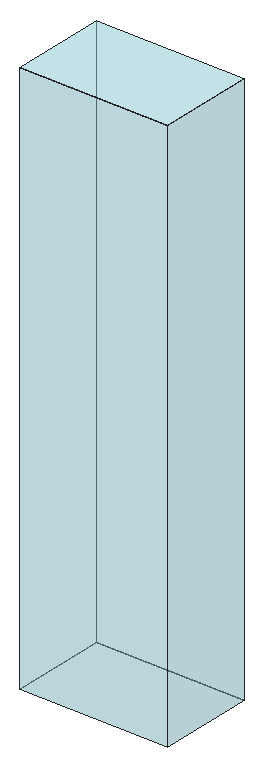
Revit family "Лифт_2D_R21.2", category Специальное оборудование, Revit 2021
Family settings
  Размер круглого соединителя = Использовать диаметр
  Тип детали = Нормальный
  Всегда вертикально = Да
  При загрузке вырезать с полостями = Нет
  Общий = Нет
  Точка принадлежности помещению = Нет
Parameters (values of type "102ХЭМ-06-1200ТП С3")
  Ширина кабины = 2200 mm
  Шахта_Отступ проема_Право = (AR_Шахта_Ширина - Шахта_Отступ проема_Лево) - AR_Шахта_Ширина проема  # 1000 mm
  Шахта_Отступ проема_Лево = 300 mm
  Спереди_Право = Шахта_Отступ проема_Право  # 1000 mm
  Спереди_Лево = Шахта_Отступ проема_Лево * par  # 300 mm
  Отступ кабины спереди = 260 mm
  Отступ кабины слева = 150 mm
  Отметка по умолчанию = 0 mm
  Description = ""
  Оборудование_выкл = no
  Оборудование_Центр = and(not(Оборудование_Право), not(Оборудование_Лево), not(Оборудование_выкл))  # no
  Оборудование_Право = yes
  Оборудование_Лево = no
  Назед_Лево = Шахта_Отступ проема_Лево * par  # 300 mm
  Назад_Право = Шахта_Отступ проема_Право  # 1000 mm
  Комментарии к типоразмеру = "ПП"
  Доступность МГН = no
  Группа модели = "Лифт"  # constant formula
  Глубина кабины = 1100 mm
  par = 1  # constant formula
  R_Шахта_Ширина проема [instance] = 1350 mm
  R_AR_Шахта_Ширина [instance] = AR_Шахта_Ширина * par  # 2650 mm
  R_AR_Шахта_Приямок [instance] = AR_Шахта_Приямок * par  # 1990 mm
  R_AR_Шахта_Маш.отд. [instance] = AR_Шахта_Маш.отд. * par  # 4000 mm
  R_AR_Шахта_Глубина [instance] = AR_Шахта_Глубина * par  # 1720 mm
  FMId = "6e846d62f685438486ef10d538530486"  # constant formula
  AR_Шахта_Ширина проема = 1350 mm
  AR_Шахта_Ширина = 2650 mm
  AR_Шахта_Приямок = 1990 mm
  AR_Шахта_Маш.отд. = 4000 mm
  AR_Шахта_Глубина = 1720 mm
  AR_Шахта_Высота проема = 2200 mm
  AR_Шахта_Высота [instance] = 4000 mm
  AR_Скорость подъема (м/с) = "1,6"
Types (5, lengths in mm): name | Ширина кабины | Шахта_Отступ проема_Право | Шахта_Отступ проема_Лево | Спереди_Право | Спереди_Лево | Отступ кабины спереди | Отступ кабины слева | Description | Оборудование_Право | Оборудование_Лево | Назед_Лево | Назад_Право | Комментарии к типоразмеру | Глубина кабины | R_Шахта_Ширина проема | R_AR_Шахта_Ширина | R_AR_Шахта_Приямок | R_AR_Шахта_Маш.отд. | R_AR_Шахта_Глубина | AR_Шахта_Ширина проема | AR_Шахта_Ширина | AR_Шахта_Приямок | AR_Шахта_Маш.отд. | AR_Шахта_Глубина
  102ХЭМ-06-1200ТП С3 | 2200 | 1000 | 300 | 1000 | 300 | 260 | 150 | "" | yes | no | 300 | 1000 | "ПП" | 1100 | 1350 | 2650 | 1990 | 4000 | 1720 | 1350 | 2650 | 1990 | 4000 | 1720
  101ХЭМ-06-900ТП СЗ | 1100 | 520 | 350 | 520 | 350 | 260 | 350 | "" | yes | no | 350 | 520 | 0 | 2100 | 1050 | 1920 | 1500 | 4050 | 2650 | 1050 | 1920 | 1500 | 4050 | 2650
  102ХЭМ-06-1200ТЛ С3 | 2200 | 300 | 1000 | 300 | 1000 | 260 | 300 | "102ХЭМ-06-1200ТЛ С3" | no | yes | 1000 | 300 | "ПП" | 1100 | 1350 | 2650 | 1990 | 4000 | 1720 | 1350 | 2650 | 1990 | 4000 | 1720
  041ХЭМ-06-800ТП СЗ | 900 | 400 | 200 | 400 | 200 | 200 | 245 | "041ХЭМ-06-800ТП СЗ" | yes | no | 200 | 400 | 0 | 1100 | 950 | 1550 | 1990 | 4000 | 1720 | 950 | 1550 | 1990 | 4000 | 1720
  041ХЭМ-06-800ТЛ СЗ | 900 | 200 | 400 | 200 | 400 | 200 | 405 | "041ХЭМ-06-800ТЛ СЗ" | no | yes | 400 | 200 | 0 | 1100 | 950 | 1550 | 1990 | 4000 | 1720 | 950 | 1550 | 1990 | 4000 | 1720
Reference planes
  plane 1 "По центру (Вперед/Назад)": y = 0
  plane 2: z = 0
  plane 3 "По центру (Влево/Вправо)": x = 0
  plane 4: y = 860
  plane 5: y = -860
  plane 6 "Право": x = 1325
  plane 7 "Лево": x = -1325
  plane 8: x = -1025
  plane 9: x = 325
  plane 10 "Верх": z = 4000
  plane 11 "План": z = 1000
  plane 12 "Верх проема": z = 2200
  plane 13 "Маш.отд.": z = 8000
  plane 14 "Приямок": z = -1990
Forms (mm)
  Extrusion 1, solid, material "Концепция. Форма по умолчанию", detail levels medium+fine
    sketch origin (0, 0, 0) x (1, 0, 0) y (0, 1, 0)
      loop
        line (1325, 860) -> (-1325, 860) -> (-1325, -860) -> (1325, -860) -> (1325, 860)
    from -1990 to 8000
Lines and regions (mm)
  model lines, style "Пунктир"
    curve 1: line (1325, 860, 0) -> (325, 860, 0)
    curve 2: line (1325, -860, 0) -> (1325, 860, 0)
    curve 3: line (-1325, -860, 0) -> (-1025, -860, 0)
    curve 4: line (-1325, 860, 0) -> (-1325, -860, 0)
    curve 5: line (325, -860, 0) -> (1325, -860, 0)
    curve 7: line (1325, 0, 8000) -> (-1325, 0, 8000)
    curve 8: line (1325, 0, -1990) -> (1325, 0, 8000)
    curve 9: line (-1325, 0, 8000) -> (-1325, 0, -1990)
    curve 19: line (-1325, 0, -1990) -> (1325, 0, -1990)
    curve 20: line (0, 860, 8000) -> (0, -860, 8000)
    curve 21: line (0, 860, -1990) -> (0, 860, 8000)
    curve 22: line (0, -860, -1990) -> (0, 860, -1990)
    curve 23: line (0, -860, 8000) -> (0, -860, -1990)
    curve 24: line (-1025, 860, 0) -> (-1325, 860, 0)
    curve 26: line (325, -860, 0) -> (325, -960, 0)
    curve 27: line (-1025, -860, 0) -> (-1025, -960, 0)
  model lines, style "InvisibleLines", not visible
    curve 6: line (0, 0, -1990) -> (0, 0, 8000)
  model lines, not visible
    curve 10: line (800, 1100, 1000) -> (520, 1100, 1000)
    curve 11: line (800, -1100, 1000) -> (800, 1100, 1000)
    curve 12: line (-800, -1100, 1000) -> (-500, -1100, 1000)
    curve 13: line (-800, 1100, 1000) -> (-800, -1100, 1000)
    curve 14: line (600, -1100, 1000) -> (800, -1100, 1000)
    curve 15: line (800, -300, 4000) -> (-800, -300, 4000)
    curve 16: line (800, -300, 0) -> (800, -300, 4000)
    curve 17: line (-800, -300, 0) -> (800, -300, 0)
    curve 18: line (-800, -300, 4000) -> (-800, -300, 0)
    curve 25: line (-340, 1100, 1000) -> (-800, 1100, 1000)
  model lines, style "Пунктир", not visible
    curve 28: line (325, 860, 0) -> (325, 960, 0)
    curve 29: line (-1025, 860, 0) -> (-1025, 960, 0)
  symbolic lines, detail levels medium+fine
    curve 30: line (1075, -300, 2200) -> (-1175, -300, 2200)
    curve 31: line (1075, -300, -200) -> (1075, -300, 2200)
    curve 32: line (-1175, -300, -200) -> (1075, -300, -200)
    curve 33: line (-1175, -300, 2200) -> (-1175, -300, -200)
    curve 34: line (300, 610, 2200) -> (300, -710, 2200)
    curve 35: line (300, 610, -200) -> (300, 610, 2200)
    curve 36: line (300, -710, -200) -> (300, 610, -200)
    curve 37: line (300, -710, 2200) -> (300, -710, -200)
    curve 38: line (1075, -300, 2200) -> (-1175, -300, -200)
    curve 39: line (1075, -300, -200) -> (-1175, -300, 2200)
    curve 40: line (300, 610, 2200) -> (300, -710, -200)
    curve 41: line (300, 610, -200) -> (300, -710, 2200)
  symbolic lines, style "SpecialityEquipmentHiddenLines"
    curve 42: line (-300, -860, 2200) -> (-300, -960, 2200)
  symbolic lines, style "SpecialityEquipmentHiddenLines", not visible
    curve 43: line (-300, 860, 2200) -> (-300, 960, 2200)
Dimensions and locks
  equal spacing: plane 7 "Лево", plane 3 "По центру (Влево/Вправо)", plane 6 "Право"
  equal spacing: plane 4, plane 1 "По центру (Вперед/Назад)", plane 5
  "AR_Шахта_Глубина": plane 4 to plane 5
  "AR_Шахта_Ширина": plane 7 "Лево" to plane 6 "Право"
  "Отступ кабины спереди": plane 5 to nested 1
  "Спереди_Лево": plane 7 "Лево" to plane 8
  "Спереди_Право": plane 9 to plane 6 "Право"
  "Назад_Право": curve 1 to plane 6 "Право"
  "Назед_Лево": plane 7 "Лево" to curve 24
  "R_Шахта_Ширина проема": plane 8 to plane 9
  locked: curve 26 to curve 26 at 100
  locked: curve 27 to curve 27 at 100
  locked: curve 28 to curve 28 at 100
  locked: curve 29 to curve 29 at 100
  plane 7 "Лево" to curve 33 = 150 mm
  plane 6 "Право" to curve 31 = 250 mm
  locked: curve 30 to plane 2 at 2200
  locked: plane 2 to curve 32 at 200
  locked: plane 2 to curve 36 at 200
  locked: curve 34 to plane 2 at 2200
  locked: plane 5 to curve 37 at 150
  curve 35 to plane 4 = 250 mm
  "AR_Шахта_Высота": level to level
  locked: curve 42 to curve 42 at 100
  locked: curve 43 to curve 43 at 100
  "AR_Шахта_Высота проема": plane 12 "Верх проема" to plane 2
  "AR_Шахта_Маш.отд.": plane 13 "Маш.отд." to plane 10 "Верх"
  "AR_Шахта_Приямок": plane 2 to plane 14 "Приямок"
  level to plane 2 = 0 mm
  "Отступ кабины слева": Extrusion 1 to nested 1
  aligned and locked: level to plane 2
  aligned and locked: plane 10 "Верх" to level
  aligned and locked: curve 6 to plane 3 "По центру (Влево/Вправо)"
  aligned and locked: curve 23 to plane 5
  aligned and locked: curve 21 to plane 4
  aligned and locked: plane 12 "Верх проема" to curve 42
  aligned and locked: plane 13 "Маш.отд." to curve 7
  aligned and locked: curve 20 to plane 13 "Маш.отд."
  aligned and locked: curve 22 to plane 14 "Приямок"
  aligned and locked: plane 14 "Приямок" to curve 19
  aligned and locked: plane 13 "Маш.отд." to Extrusion 1
  aligned and locked: plane 14 "Приямок" to Extrusion 1
Automatic sketch dimensions
  curve 2 to curve 3 = 2650 mm
  curve 4 to curve 1 = 1650 mm
  curve 4 to curve 4 = 1720 mm
  curve 3 to curve 5 = 2350 mm
  curve 2 to curve 5 = 1000 mm
  curve 1 to curve 1 = 1000 mm
  curve 24 to curve 4 = 300 mm
  curve 3 to curve 3 = 300 mm
  curve 11 to curve 12 = 1600 mm
  curve 13 to curve 10 = 0 mm
  curve 13 to curve 13 = 2200 mm
  curve 12 to curve 14 = 0 mm
  curve 11 to curve 14 = 200 mm
  curve 10 to curve 10 = 280 mm
  curve 25 to curve 13 = 460 mm
  curve 12 to curve 12 = 300 mm
  plane 12 "Верх проема" to curve 43 = 0 mm
  curve 43 to plane 4 = 0 mm
  curve 42 to plane 5 = 0 mm
  plane 7 "Лево" to curve 9 = 0 mm
  plane 6 "Право" to curve 7 = 0 mm
  Extrusion 1 sketch curve to plane 4 = 0 mm
  Extrusion 1 sketch curve to plane 7 "Лево" = 0 mm
  Extrusion 1 sketch curve to plane 5 = 0 mm
  Extrusion 1 sketch curve to plane 6 "Право" = 0 mm
  curve 4 to plane 7 "Лево" = 0 mm
  curve 3 to plane 8 = 0 mm
  curve 24 to plane 8 = 0 mm
  curve 26 to plane 9 = 0 mm
  curve 5 to plane 5 = 0 mm
  curve 1 to plane 4 = 0 mm
  curve 1 to plane 9 = 0 mm
  curve 1 to plane 6 "Право" = 0 mm
  curve 27 to plane 5 = 0 mm
  curve 29 to plane 4 = 0 mm
Nested families
  nested 1: "(D)_Условно_Лифт_Кабина" at (-75, -50, 0), a <- "Ширина кабины", b <- "Глубина кабины", type "(D)_Условно_Лифт_Кабина"
    with b 1100 mm, a 2200 mm
  nested 2: "(AT)_Символ доступности МГН" at (0, 0, 0), visible <- "Доступность МГН", type "Символ доступности МГН"
Definition of nested family "(D)_Условно_Лифт_Кабина"
  Parameters (values of type "(D)_Условно_Лифт_Кабина")
    Оборудование_Центр = no
    Оборудование_Право = yes
    Оборудование_Лево/Право = no
    b [instance] = 2000 mm
    a [instance] = 1500 mm
  Reference planes
    plane 1 "По центру (Вперед/Назад)": y = 0
    plane 2: z = 0
    plane 3 "По центру (Влево/Вправо)": x = 0
  Lines and regions (mm)
    detail lines, in view "Опорный уровень"
      curve 1: line (750, 1000, 0) -> (-750, 1000, 0)
      curve 2: line (750, -1000, 0) -> (750, 1000, 0)
      curve 3: line (-750, -1000, 0) -> (750, -1000, 0)
      curve 4: line (-750, 1000, 0) -> (-750, -1000, 0)
      curve 5: line (750, 1000, 0) -> (-750, -1000, 0)
      curve 6: line (-750, 1000, 0) -> (750, -1000, 0)
      curve 19: line (-785, 1035, 0) -> (-785, -1035, 0)
      curve 20: line (-785, -1035, 0) -> (785, -1035, 0)
      curve 21: line (785, -1035, 0) -> (785, 1035, 0)
      curve 22: line (785, 1035, 0) -> (-785, 1035, 0)
    detail lines, in view "Опорный уровень", visible <- "Оборудование_Центр"
      curve 7: line (400, 1200, 0) -> (-400, 1200, 0)
      curve 8: line (400, 1100, 0) -> (400, 1200, 0)
      curve 9: line (-400, 1100, 0) -> (400, 1100, 0)
      curve 10: line (-400, 1200, 0) -> (-400, 1100, 0)
    detail lines, in view "Опорный уровень", visible <- "Оборудование_Право"
      curve 11: line (950, 400, 0) -> (850, 400, 0)
      curve 12: line (950, -400, 0) -> (950, 400, 0)
      curve 13: line (850, -400, 0) -> (950, -400, 0)
      curve 14: line (850, 400, 0) -> (850, -400, 0)
    detail lines, in view "Опорный уровень", visible <- "Оборудование_Лево/Право"
      curve 15: line (-950, 400, 0) -> (-850, 400, 0)
      curve 16: line (-950, -400, 0) -> (-950, 400, 0)
      curve 17: line (-850, -400, 0) -> (-950, -400, 0)
      curve 18: line (-850, 400, 0) -> (-850, -400, 0)
  Dimensions and locks
    equal spacing: curve 4, plane 3 "По центру (Влево/Вправо)", curve 2
    equal spacing: curve 1, plane 1 "По центру (Вперед/Назад)", curve 3
    "b": curve 1 to curve 3
    "a": curve 4 to curve 2
    locked: curve 1 to curve 9 at 100
    locked: curve 7 to curve 9 at 100
    curve 2 to curve 14 = 100 mm
    locked: curve 14 to curve 12 at 100
    locked: curve 13 to plane 1 "По центру (Вперед/Назад)" at 400
    locked: curve 4 to curve 18 at 100
    locked: curve 18 to curve 16 at 100
    locked: curve 17 to plane 1 "По центру (Вперед/Назад)" at 400
    locked: curve 11 to plane 1 "По центру (Вперед/Назад)" at 400
    locked: plane 1 "По центру (Вперед/Назад)" to curve 15 at 400
    locked: curve 10 to plane 3 "По центру (Влево/Вправо)" at 400
    locked: plane 3 "По центру (Влево/Вправо)" to curve 8 at 400
    locked: curve 22 to curve 1 at 35
    locked: curve 20 to curve 3 at 35
    locked: curve 2 to curve 21 at 35
    locked: curve 19 to curve 4 at 35
Definition of nested family "(AT)_Символ доступности МГН"
  Parameters (values of type "Символ доступности МГН")
    Символ доступности МГН = yes
  Reference planes
    plane 1: y = 0
    plane 2: x = 0
  Lines and regions (mm)
    Filled region 1, type "Серая", visible <- "Символ доступности МГН"
      outline origin (0, 0, 0) x (0, 1, 0) y (-1, 0, 0)
        loop
          line (2.654, -0.542) -> (2.654, 2.345) -> (1.854, 2.345) -> (1.854, -0.379) -> (0.738, -0.151) -> (0.738, 3.398) -> (-2.141, 4.106) -> (-1.864, 5.374) -> (-2.971, 5.646) -> (-3.517, 3.845) -> (0, 2.888) -> (0, -0.983) -> (4.564, -1.595)
          arc (4.564, -1.595) -> (6.084, -0.106) -> (4.085, -0.835) r 1.088
          line (4.085, -0.835) -> (2.654, -0.542)
        loop
          line (-2.321, 2.488) -> (-2.5, 3.278)
          arc (-2.5, 3.278) -> (-4.549, -2.916) -> (1.885, -1.839) r 3.809
          line (1.885, -1.839) -> (1.052, -1.727)
          arc (1.052, -1.727) -> (-3.999, -2.311) -> (-2.321, 2.488) r 3
